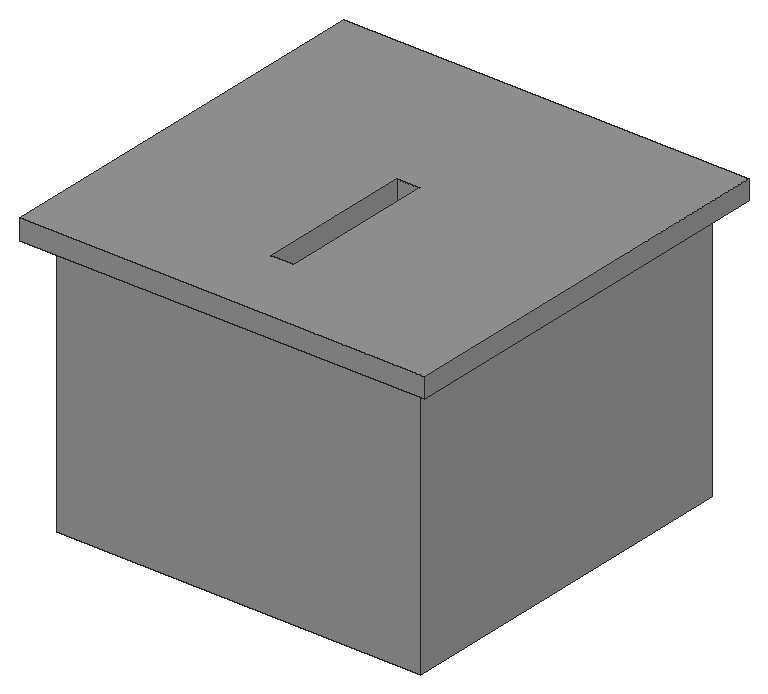
Revit family "4068717 Sylvania Lighting Fixture RAY SQUARE1 11LM BLADE LED 4K AL", category Lighting Fixtures, host Face, Revit 2016
Family settings
  Host = Face
  Part Type = Normal
  Round Connector Dimension = Use Diameter
  OmniClass Number = 23.80.70.00
  OmniClass Title = Lighting
  Cut with Voids When Loaded = No
  Light Source = Yes
  Shared = No
  Room Calculation Point = No
Parameters (values of type "4068717 RAY/S1  11LM BLADE LED 4K AL")
  Width_SYL = if(Square_SYL, 100 mm, 85 mm)  # 100 mm
  Weight = "0.5 kg"
  Wattage Comments = "n/a"
  Wattage = 4 W
  WarrantyStartDate [instance] = "n/a"
  WarrantyGuarantorParts = "n/a"
  WarrantyDurationUnit = "n/a"
  WarrantyDurationParts = "n/a"
  WarrantyDescription = "n/a"
  built-in parameter 1150110 = 1 (stored number, unit not read)
  Voltage = 0 V
  URL = "http://www.sylvania-lighting.com"
  TypeName = "RAY/SQUARE1 11LM BLADE LED 4K AL"
  Type Image = <None>
  Type Comments = "n/a"
  built-in parameter 1114217 = 1 (stored number, unit not read)
  Tilt Angle = -90.00°
  built-in parameter 1150109 = 1 (stored number, unit not read)
  built-in parameter 1150134 = 12
  built-in parameter 1150113 = 1 (stored number, unit not read)
  Square_SYL = yes
  SlotWidth_SYL = if(Square_SYL, 5.8 mm, 5.5 mm)  # 5.8 mm
  SlotStartHeight_SYL = if(Square_SYL, 18.5 mm, 24.5 mm)  # 18.5 mm
  SlotHeight_SYL = if(Square_SYL, 39 mm, 141 mm)  # 39 mm
  SerialNumber [instance] = "n/a"
  RecessDepth_SYL = 65 mm
  PowerFactor = 0
  PowerConsumption = "4 W"
  Photometric Web File = "4068717.ies"
  NominalWidth = 0 mm
  NominalLength = 100 mm
  NominalHeight = 65 mm
  Name = "RAY/SQUARE1 11LM BLADE LED 4K AL"
  ModelReference = "RAY/SQUARE1 11LM BLADE LED 4K AL"
  ModelNumber = "4068717"
  Material_3_SYL = none
  Model = "RAY/SQUARE1 11LM BLADE LED 4K AL"
  Material = "die-cast aluminum housing, safety tempered glass diffuser"
  ManufacturerName = "Feilo Sylvania"
  Manufacturer = "Feilo Sylvania"
  LuminousEfficacy = "2.75 lm/W"
  built-in parameter 1150105 = 70.174 (stored number, unit not read)
  Lumens = 11 lm
  LuminaireType = ""
  built-in parameter 1150115 = 1 (stored number, unit not read)
  LightSourceYOffset_SYL = if(Square_SYL, 12 mm, 0 mm)  # 12 mm
  LightOutputRatio = "100"
  built-in parameter 1150137 = (empty or 0)
  built-in parameter 1150139 = (empty or 0)
  LampsType = Lamp  # "LED"
  LampNominalLuminous = "11 lm"
  LampMacAdamStep = "n/a"
  LampColourTemperature = "4000 K"
  LampColourRenderingIndex = "80"
  built-in parameter 1150112 = 1 (stored number, unit not read)
  built-in parameter 1150114 = 1 (stored number, unit not read)
  Lamp = "LED"
  Keynote = "16500"
  Material_2_SYL = LED-Sylvania
  InstallationDate [instance] = "n/a"
  InputVoltage = "n/a"
  InputNominalFrequency = "n/a"
  built-in parameter 1150132 = (empty or 0)
  built-in parameter 1150102 = (empty or 0)
  built-in parameter 1150107 = 4000 (stored number, unit not read)
  built-in parameter 1150138 = (empty or 0)
  IngressProtection = "IP65"
  ImpactProtectionIndex = "IK07"
  built-in parameter 1150106 = 0.70174 (stored number, unit not read)
  IfcExportType = "IfcLightFixtureType"
  IfcExportAs = "IfcLightFixtureType"
  Height_SYL = if(Square_SYL, 100 mm, 190 mm)  # 100 mm
  ExpectedLife = 50000
  Emit from Rectangle Width = if(Square_SYL, 5.8 mm, 5.5 mm)  # 5.8 mm
  Emit from Rectangle Length = if(Square_SYL, 39 mm, 141 mm)  # 39 mm
  Emit Shape Visible in Rendering = no
  ElectricShockClassification = "Class II"
  built-in parameter 1150104 = 0.25548 (stored number, unit not read)
  DurationUnit = "hours"
  DocumentationLiterature = "http://www.sylvania-lighting.com/product/en-int/products/4068717"
  DimmingControlOptions = "n/a"
  Dimming Lamp Color Temperature Shift = <None>
  Description = "Square recessed wall luminaire,die-cast aluminum, 11lm, 4W, 3lm/W, 4000K, CRI80+, asymmetric, non dimmable, IP65, IK07, (HxWxD) 100x100x65mm, 3 step MacAdam ellipse, Class II, 220-240V, A++ A+ A"
  Default Elevation = 1219.2 mm
  CreatedOn = "10/2/2018"
  CreatedBy = "@sylvania-lighting.com"
  Cost = 0
  Color Filter = 16777215
  built-in parameter 1114216 [instance] = (empty or 0)
  Material_1_SYL = Aluminum 7175 T73 0 Hot Formed
  BarCode [instance] = "n/a"
  built-in parameter 1114218 = 1 (stored number, unit not read)
  built-in parameter 1150133 = 10 (stored number, unit not read)
  AssetType = "Fixed"
  AssetIdentifier [instance] = "n/a"
  Assembly Code = "D5020200"
  Apparent Load = 4 VA
  Material_4_SYL = none
Reference planes
  plane 1 "Center (Front/Back)": y = 0
  plane 2: z = 0
  plane 3 "Center (Left/Right)": x = 0
  plane 4: x = -50
  plane 5: x = 50
  plane 6: y = 50
  plane 7: y = -50
  plane 8: z = 5
  plane 9: z = -65
  plane 10: x = -45
  plane 11: y = 45
  plane 12: x = 45
  plane 13: y = -45
  plane 14: x = 2.9
  plane 15: x = -2.9
  plane 16: y = 7.5
  plane 17: y = -31.5
  plane 18: z = -7
  plane 19: y = -21.5
Forms (mm)
  Extrusion 1, void
    sketch origin (0, 0, 0) x (1, 0, 0) y (0, 1, 0)
      loop
        line (-45, 45) -> (-45, -45) -> (45, -45) -> (45, 45) -> (-45, 45)
    from 0 to -65
  Extrusion 2, solid, material "Aluminum 7175 T73 0 Hot Formed" <- "Material_1_SYL"
    sketch origin (0, 0, 0) x (1, 0, 0) y (0, 1, 0)
      loop
        line (-50, 50) -> (-50, -50) -> (50, -50) -> (50, 50) -> (-50, 50)
    from 0 to 5
  Extrusion 3, solid, material "Aluminum 7175 T73 0 Hot Formed" <- "Material_1_SYL"
    sketch origin (0, 0, 0) x (1, 0, 0) y (0, 1, 0)
      loop
        line (-45, 45) -> (-45, -45) -> (45, -45) -> (45, 45) -> (-45, 45)
    from 0 to -65
  Blend 4, void
    base sketch origin (0, 0, 0) x (1, 0, 0) y (0, 1, 0)
      loop
        line (-2.9, 7.5) -> (-2.9, -31.5) -> (2.9, -31.5) -> (2.9, 7.5) -> (-2.9, 7.5)
    top sketch origin (0, 0, 0) x (1, 0, 0) y (0, 1, 0)
      loop
        line (2.9, -21.5) -> (2.9, 7.5) -> (-2.9, 7.5) -> (-2.9, -21.5) -> (2.9, -21.5)
    from 5 to -7
Cuts and joins
  Blend 4 cuts Extrusion 2
  Blend 4 cuts Extrusion 3
  joined: Extrusion 2, Extrusion 3
Lines and regions (mm)
  reference lines
    curve 1: line (-21.346, -12, 0) -> (21.628, -12, 0)
Dimensions and locks
  equal spacing: plane 4, plane 3 "Center (Left/Right)", plane 5
  "Width_SYL": plane 4 to plane 5
  equal spacing: plane 7, plane 1 "Center (Front/Back)", plane 6
  "Height_SYL": plane 7 to plane 6
  equal spacing: plane 10, plane 3 "Center (Left/Right)", plane 12
  equal spacing: plane 13, plane 1 "Center (Front/Back)", plane 11
  locked: plane 11 to plane 6 at 5
  locked: plane 4 to plane 10 at 5
  locked: plane 8 to plane 2 at 5
  "RecessDepth_SYL": plane 2 to plane 9
  equal spacing: plane 15, plane 3 "Center (Left/Right)", plane 14
  "SlotWidth_SYL": plane 15 to plane 14
  "SlotHeight_SYL": plane 17 to plane 16
  locked: plane 8 to plane 18 at 12
  locked: plane 17 to plane 19 at 10
  "SlotStartHeight_SYL": plane 7 to plane 17
  "LightSourceYOffset_SYL": curve 1 to plane 1 "Center (Front/Back)"
  aligned and locked: plane 2 to host face
  aligned and locked: level to host face
  aligned and locked: plane 11 to Extrusion 1 sketch curve
  aligned and locked: plane 10 to Extrusion 1 sketch curve
  aligned and locked: Extrusion 1 sketch curve to plane 13
  aligned and locked: Extrusion 1 sketch curve to plane 12
  aligned and locked: plane 9 to Extrusion 1
  aligned and locked: level to Extrusion 1
  aligned and locked: plane 6 to Extrusion 2 sketch curve
  aligned and locked: plane 4 to Extrusion 2 sketch curve
  aligned and locked: Extrusion 2 sketch curve to plane 7
  aligned and locked: Extrusion 2 sketch curve to plane 5
  aligned and locked: Extrusion 2 to plane 8
  aligned and locked: Extrusion 2 to level
  aligned and locked: plane 11 to Extrusion 3 sketch curve
  aligned and locked: plane 10 to Extrusion 3 sketch curve
  aligned and locked: Extrusion 3 sketch curve to plane 13
  aligned and locked: Extrusion 3 sketch curve to plane 12
  aligned and locked: plane 9 to Extrusion 3
  aligned and locked: level to Extrusion 3
  aligned and locked: plane 16 to Blend 4 sketch curve
  aligned and locked: plane 15 to Blend 4 sketch curve
  aligned and locked: Blend 4 sketch curve to plane 17
  aligned and locked: Blend 4 sketch curve to plane 14  (x2)
  aligned and locked: Blend 4 sketch curve to plane 19
  aligned and locked: Blend 4 sketch curve to var sketch
  aligned and locked: var sketch to Blend 4 sketch curve
  aligned and locked: plane 18 to Blend 4
  aligned and locked: Blend 4 to plane 8
  aligned and locked: plane 3 "Center (Left/Right)" to imposter light
  aligned and locked: imposter light to plane 8
  aligned and locked: imposter light to curve 1
Automatic sketch dimensions
  host sketch curve to host sketch curve = 2438.4 mm  (x2)
  curve 1 to plane 15 = 18.446 mm
  plane 14 to curve 1 = 18.728 mm
Connectors
  electrical at (0, 0, 0), driven by "Apparent Load"
    settings: index 1, voltage 230 V, apparent load 4 VA, apparent load phase1 0 VA, apparent load phase2 0 VA, apparent load phase3 0 VA, power factor 0, load classification "Lighting", number of poles 1, system type 30, power factor state 1, is connector primary yes, connector utility no, sub classification motor no, connector description ""
